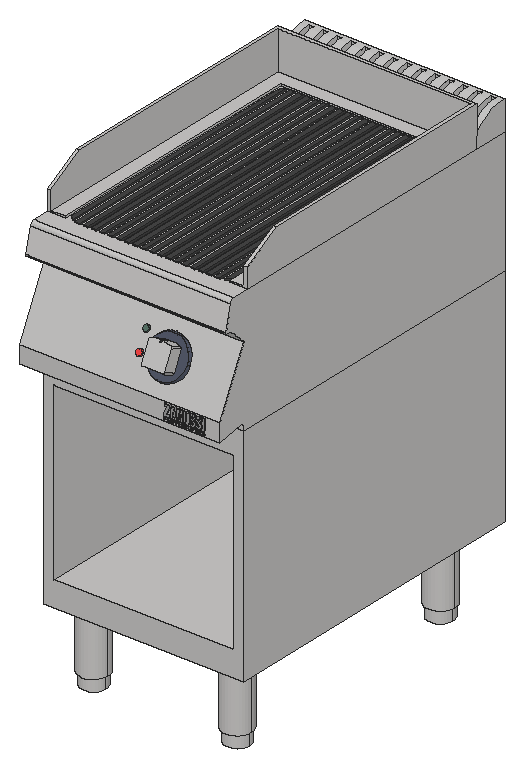
Revit family "QF_ZANUSSI_372342_Z7IILDBLMCA", category Specialty Equipment, Revit 2018 (continued)
Definition of nested family "ZAN_Logo_S_Grey_Professional"
  Forms (mm)
    Extrusion 2, solid, material <- "Materiale"
      sketch origin (17.793, -46.218, 0) x (-1, 0, 0) y (0, -1, 0)
        loop
          spline (-4.288, -52.393) -> (-4.176, -52.644) -> (-4.031, -52.894) -> (-3.857, -53.139) -> (-3.659, -53.377) -> (-3.439, -53.607) -> (-3.202, -53.825) -> (-2.952, -54.031) -> (-2.693, -54.221) -> (-2.429, -54.394) -> (-2.163, -54.547) -> (-1.9, -54.678) -> (-1.644, -54.786)
        loop
          spline (-16.755, -52.519) -> (-16.407, -53.083) -> (-15.998, -53.58) -> (-15.535, -54.012) -> (-15.024, -54.38) -> (-14.474, -54.684) -> (-13.89, -54.927) -> (-13.28, -55.11) -> (-12.651, -55.233) -> (-12.009, -55.299) -> (-11.362, -55.308) -> (-10.717, -55.263) -> (-10.081, -55.163)
          spline (-10.081, -55.163) -> (-9.638, -55.08) -> (-9.196, -54.956) -> (-8.761, -54.793) -> (-8.336, -54.594) -> (-7.93, -54.36) -> (-7.547, -54.093) -> (-7.192, -53.794) -> (-6.872, -53.466) -> (-6.592, -53.109) -> (-6.358, -52.726) -> (-6.176, -52.319) -> (-6.051, -51.889)
          spline (-6.051, -51.889) -> (-5.857, -51.316) -> (-5.715, -50.731) -> (-5.626, -50.14) -> (-5.589, -49.548) -> (-5.605, -48.959) -> (-5.673, -48.379) -> (-5.794, -47.812) -> (-5.967, -47.263) -> (-6.193, -46.736) -> (-6.471, -46.237) -> (-6.802, -45.771) -> (-7.185, -45.341)
          line (-7.185, -45.341) -> (-11.844, -41.186) -> (-12.851, -39.675)
          spline (-12.851, -39.675) -> (-12.882, -39.483) -> (-12.91, -39.288) -> (-12.934, -39.09) -> (-12.949, -38.891) -> (-12.954, -38.692) -> (-12.946, -38.494) -> (-12.921, -38.299) -> (-12.879, -38.108) -> (-12.816, -37.922) -> (-12.729, -37.742) -> (-12.615, -37.57) -> (-12.473, -37.408)
          line (-12.473, -37.408) -> (-11.214, -37.156)
          spline (-11.214, -37.156) -> (-10.768, -37.262) -> (-10.429, -37.445) -> (-10.183, -37.695) -> (-10.015, -38) -> (-9.912, -38.349) -> (-9.86, -38.73) -> (-9.845, -39.132) -> (-9.852, -39.544) -> (-9.868, -39.954) -> (-9.879, -40.351) -> (-9.871, -40.723) -> (-9.829, -41.06)
          line (-9.829, -41.06) -> (-5.422, -40.934)
          spline (-5.422, -40.934) -> (-5.367, -40.392) -> (-5.333, -39.839) -> (-5.323, -39.279) -> (-5.342, -38.719) -> (-5.395, -38.162) -> (-5.485, -37.613) -> (-5.616, -37.077) -> (-5.795, -36.559) -> (-6.024, -36.064) -> (-6.308, -35.597) -> (-6.651, -35.162) -> (-7.059, -34.764)
          spline (-7.059, -34.764) -> (-7.58, -34.383) -> (-8.132, -34.06) -> (-8.711, -33.794) -> (-9.311, -33.584) -> (-9.927, -33.43) -> (-10.553, -33.331) -> (-11.184, -33.288) -> (-11.816, -33.299) -> (-12.442, -33.365) -> (-13.057, -33.484) -> (-13.657, -33.657) -> (-14.236, -33.882)
          spline (-14.236, -33.882) -> (-14.49, -33.99) -> (-14.747, -34.121) -> (-15.006, -34.276) -> (-15.262, -34.451) -> (-15.515, -34.646) -> (-15.763, -34.858) -> (-16.003, -35.086) -> (-16.232, -35.328) -> (-16.45, -35.582) -> (-16.653, -35.847) -> (-16.839, -36.12) -> (-17.007, -36.401)
          spline (-17.007, -36.401) -> (-17.229, -37.006) -> (-17.395, -37.624) -> (-17.502, -38.25) -> (-17.552, -38.882) -> (-17.544, -39.515) -> (-17.479, -40.147) -> (-17.355, -40.773) -> (-17.174, -41.391) -> (-16.936, -41.996) -> (-16.639, -42.586) -> (-16.285, -43.157) -> (-15.873, -43.704)
          line (-15.873, -43.704) -> (-10.584, -48.489) -> (-9.955, -50.126) -> (-10.459, -51.386) -> (-11.592, -51.638) -> (-12.851, -50.756) -> (-12.977, -48.238) -> (-17.258, -48.112)
          spline (-17.258, -48.112) -> (-17.236, -48.492) -> (-17.23, -48.875) -> (-17.233, -49.261) -> (-17.24, -49.646) -> (-17.245, -50.03) -> (-17.243, -50.41) -> (-17.227, -50.785) -> (-17.193, -51.152) -> (-17.134, -51.512) -> (-17.046, -51.86) -> (-16.921, -52.196) -> (-16.755, -52.519)
        loop
          line (-18.014, -33.378) -> (-22.421, -33.378) -> (-22.421, -54.911) -> (-18.014, -54.911) -> (-18.014, -33.378)
        loop
          line (14.852, -38.541) -> (14.852, -54.911) -> (19.259, -54.911) -> (19.259, -40.43) -> (19.008, -36.904) -> (18.63, -36.023) -> (17.748, -34.89) -> (16.867, -34.26) -> (15.104, -33.504) -> (14.223, -33.378) -> (12.208, -33.378) -> (11.2, -33.63) -> (9.689, -34.512) -> (7.926, -37.03) -> (7.8, -37.912) -> (7.8, -54.911) -> (12.208, -54.911) -> (12.208, -38.919) -> (12.711, -37.786) -> (14.097, -37.66) -> (14.852, -38.541)
        loop
          line (20.267, -54.911) -> (24.296, -54.911) -> (24.296, -41.186) -> (27.948, -54.911) -> (32.607, -54.911) -> (32.607, -33.378) -> (28.704, -33.378) -> (28.704, -47.608) -> (25.052, -33.378) -> (20.267, -33.378) -> (20.267, -54.911)
        loop
          line (47.089, -54.911) -> (58.044, -54.911) -> (58.044, -50.882) -> (52.251, -51.008) -> (58.548, -37.786) -> (58.548, -33.378) -> (47.089, -33.378) -> (47.089, -37.786) -> (53.698, -37.786) -> (47.089, -51.26) -> (47.089, -54.911)
        loop
          line (36.889, -54.911) -> (42.933, -54.911) -> (46.837, -33.378) -> (42.303, -33.378) -> (41.674, -37.534) -> (38.022, -37.534) -> (37.392, -33.378) -> (32.859, -33.378) -> (36.889, -54.911)
        loop
          line (41.17, -41.438) -> (38.652, -41.438) -> (39.911, -51.231) -> (41.17, -41.438)
        loop
          line (57.627, -27.599) -> (56.511, -27.599)
          arc (56.511, -27.599) -> (55.334, -29.219) -> (56.822, -30.559) r 1.496
          line (56.822, -30.559) -> (58.548, -30.559) -> (58.548, -26.082) -> (57.627, -26.082) -> (57.627, -27.599)
        loop
          line (57.627, -29.713) -> (57.627, -28.464) -> (56.699, -28.464)
          arc (56.699, -28.464) -> (56.24, -29.089) -> (56.699, -29.713) r 0.654
          line (56.699, -29.713) -> (57.627, -29.713)
        loop
          line (50.633, -27.625) -> (49.682, -27.625) -> (48.755, -26.082) -> (47.711, -26.082) -> (48.871, -27.993)
          arc (48.871, -27.993) -> (48.433, -29.601) -> (49.798, -30.559) r 1.45
          line (49.798, -30.559) -> (51.553, -30.559) -> (51.553, -26.082) -> (50.633, -26.082) -> (50.633, -27.625)
        loop
          line (50.633, -29.713) -> (50.633, -28.464) -> (49.705, -28.464)
          arc (49.705, -28.464) -> (49.245, -29.089) -> (49.705, -29.713) r 0.654
          line (49.705, -29.713) -> (50.633, -29.713)
        loop
          line (36.111, -26.082) -> (35.19, -26.082) -> (35.19, -27.797) -> (33.505, -27.797) -> (33.505, -28.718) -> (35.19, -28.718) -> (35.19, -29.639) -> (33.344, -29.639) -> (33.344, -30.559) -> (36.111, -30.559) -> (36.111, -26.082)
        loop
          line (29.546, -26.082) -> (26.666, -26.082) -> (26.666, -27.002) -> (28.626, -27.002) -> (28.626, -27.797) -> (26.835, -27.797) -> (26.835, -28.718) -> (28.626, -28.718) -> (28.626, -29.639) -> (26.71, -29.639) -> (26.71, -30.559) -> (29.546, -30.559) -> (29.546, -26.082)
        loop
          line (9.21, -26.082) -> (8.289, -26.082) -> (8.289, -30.559) -> (9.21, -30.559) -> (9.21, -26.082)
        loop
          line (-5.024, -26.082) -> (-5.024, -28.898) -> (-7.072, -26.082) -> (-7.993, -26.082) -> (-7.993, -30.559) -> (-7.037, -30.559) -> (-7.037, -27.659) -> (-4.989, -30.559) -> (-4.069, -30.559) -> (-4.069, -26.082) -> (-5.024, -26.082)
        loop
          line (-11.621, -26.082) -> (-12.61, -26.082) -> (-13.045, -27.048) -> (-14.702, -27.048) -> (-15.137, -26.082) -> (-16.125, -26.082) -> (-14.375, -30.558) -> (-13.454, -30.558) -> (-11.621, -26.082)
        loop
          line (-19.779, -26.082) -> (-22.421, -26.082) -> (-22.421, -27.002) -> (-20.7, -27.002) -> (-20.7, -30.559) -> (-19.779, -30.559) -> (-19.779, -26.082)
        loop
          line (-13.875, -29.102) -> (-13.395, -27.931) -> (-14.333, -27.931) -> (-13.875, -29.102)
        loop
          circle (2.094, -28.293) r 1.482
        loop
          circle (2.094, -28.293) r 2.376
        loop
          arc (16.413, -27.085) -> (15.386, -26.141) -> (13.991, -26.107) r 1.985
          arc (13.991, -26.107) -> (13.047, -26.998) -> (13.375, -28.254) r 1.274
          arc (13.375, -28.254) -> (14.04, -28.662) -> (14.749, -28.985) r 6.355
          arc (14.749, -28.985) -> (15.14, -29.579) -> (14.494, -29.876) r 0.469
          arc (14.494, -29.876) -> (14.107, -29.64) -> (13.784, -29.321) r 1.958
          line (13.784, -29.321) -> (12.995, -29.795)
          arc (12.995, -29.795) -> (13.493, -30.326) -> (14.109, -30.712) r 2.834
          arc (14.109, -30.712) -> (16.031, -29.813) -> (14.826, -28.067) r 1.389
          spline (14.826, -28.067) -> (14.485, -27.906) -> (14.237, -27.756) -> (14.069, -27.617) -> (13.971, -27.49) -> (13.931, -27.375) -> (13.937, -27.273) -> (13.977, -27.185) -> (14.041, -27.112) -> (14.116, -27.053) -> (14.191, -27.011) -> (14.254, -26.985) -> (14.293, -26.976)
          arc (14.293, -26.976) -> (15.035, -26.992) -> (15.586, -27.489) r 1.064
          line (15.586, -27.489) -> (16.413, -27.085)
        loop
          arc (23.156, -27.085) -> (22.129, -26.141) -> (20.734, -26.107) r 1.985
          arc (20.734, -26.107) -> (19.79, -26.998) -> (20.118, -28.254) r 1.274
          arc (20.118, -28.254) -> (20.783, -28.662) -> (21.492, -28.985) r 6.355
          arc (21.492, -28.985) -> (21.883, -29.579) -> (21.237, -29.876) r 0.469
          arc (21.237, -29.876) -> (20.849, -29.64) -> (20.527, -29.321) r 1.958
          line (20.527, -29.321) -> (19.738, -29.795)
          arc (19.738, -29.795) -> (20.236, -30.326) -> (20.852, -30.712) r 2.834
          arc (20.852, -30.712) -> (22.774, -29.813) -> (21.568, -28.067) r 1.389
          spline (21.568, -28.067) -> (21.228, -27.906) -> (20.979, -27.756) -> (20.812, -27.617) -> (20.714, -27.49) -> (20.674, -27.375) -> (20.68, -27.273) -> (20.72, -27.185) -> (20.784, -27.112) -> (20.859, -27.053) -> (20.933, -27.011) -> (20.996, -26.985) -> (21.036, -26.976)
          arc (21.036, -26.976) -> (21.778, -26.992) -> (22.329, -27.489) r 1.064
          line (22.329, -27.489) -> (23.156, -27.085)
        loop
          circle (42.369, -28.293) r 1.482
        loop
          circle (42.369, -28.293) r 2.376
      from 0 to 1.644
  Dimensions and locks
    aligned and locked: plane 2 to Extrusion 1
    aligned and locked: level to Extrusion 1
